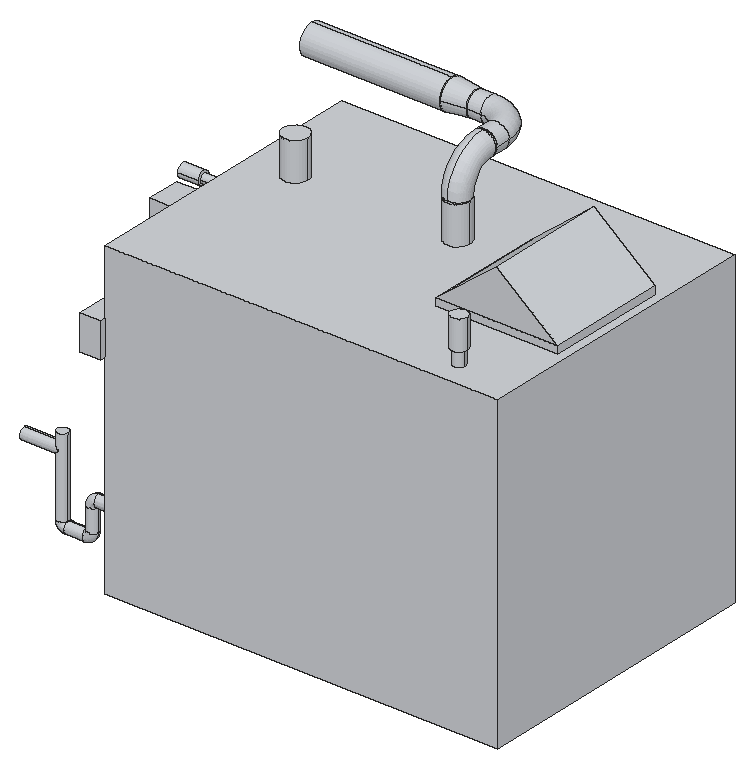
Revit family "AMP_BFIT 1000-1250 Boiler", category Mechanical Equipment, Revit 2019
Family settings
  Round Connector Dimension = Use Diameter
  Part Type = Normal
  OmniClass Number = 23.75.00.00
  OmniClass Title = Climate Control (HVAC)
  Work Plane-Based = No
  Always vertical = Yes
  Cut with Voids When Loaded = No
  Shared = No
  Room Calculation Point = No
Parameters (values of type "AMP/BFIT 1000-1250 Boiler")
  Width = 34 1/4"
  Length = 45 1/2"
  Height = 36 1/8"
  Voltage = ""
  Vent = "8\" EZ Vent"
  Manufacturer = "Bryan Steam"  # constant formula
  Hydronic Supply = "3\" Victaulic"
  Hydronic Return = "2-1/2\" Victaulic"
  Gas Train = "1\" NPT"
  Condensate Trap = "1\" Pipe"
  Boiler Drain = "3/4\" NPT"
  Air Supply = "8\""
Reference planes
  plane 1 "Center (Front/Back)": y = 0
  plane 2: z = 0
  plane 3 "Center (Left/Right)": x = 0
  plane 4 "Vent": y = 95.25
  plane 5 "Condensate Trap": y = -304.8
  plane 6 "Supply 2.5" Victualic Elbow Style 10": x = 34.925
  plane 7 "3" Supply Manifold": z = 1127.125
  plane 8 "3" Supply Elbow Victaulic Style 10": y = 327.025
Forms (mm)
  Extrusion 1, solid
    sketch origin (0, 0, 0) x (1, 0, 0) y (0, 1, 0)
      loop
        line (-577.85, 434.975) -> (-577.85, -434.975) -> (577.85, -434.975) -> (577.85, 434.975) -> (-577.85, 434.975)
    from 0 to 917.575
  Extrusion 2, solid
    sketch origin (0, 0, 917.575) x (1, 0, 0) y (0, 1, 0)
      loop
        line (192.824, 174.625) -> (192.824, -180.975) -> (550.863, -180.975) -> (550.863, 174.625) -> (192.824, 174.625)
    from 0 to 21.63
  Extrusion 3, solid
    sketch origin (523.911, -180.975, 917.575) x (-1, 0, 0) y (0, 0, -1)
      loop
        line (331.087, -21.63) -> (-26.952, -21.63) -> (152.068, -167.063) -> (331.087, -21.63)
    from 0 to -355.6
  Extrusion 4, solid
    sketch origin (0, 0, 917.575) x (1, 0, 0) y (0, 1, 0)
      loop
        circle (-441.325, 95.25) r 36.513
      loop
        circle (34.925, 95.25) r 36.513
    from 0 to 111.125
  Extrusion 5, solid
    sketch origin (-577.85, -434.975, 0) x (0, 1, 0) y (0, 0, -1)
      loop
        circle (714.375, -257.175) r 100.013
      loop
        circle (714.375, -257.175) r 94.456
    from 0 to 28.575
  Revolve 6, solid
    sketch origin (0, 95.25, 0) x (-1, 0, 0) y (0, 0, 1)
      loop
        line (571.805, 578.918) -> (793.75, 590.55) -> (788.406, 692.518) -> (566.461, 680.886) -> (571.805, 578.918)
      axis (793.75, 590.55) -> (571.805, 578.918)
    angle from 0 to 360
  Sweep 7, solid
    path origin (0, -304.8, 0) x (-1, 0, 0) y (0, 0, 1)
      loop
        line (577.85, 146.406) -> (698.856, 146.406)
        arc (698.856, 146.406) -> (711.212, 141.287) -> (716.331, 128.93) r 17.475
        line (716.331, 128.93) -> (716.331, 62.281)
        arc (716.331, 62.281) -> (721.449, 49.924) -> (733.806, 44.806) r 17.475
        line (733.806, 44.806) -> (787.768, 44.806)
        arc (787.768, 44.806) -> (800.116, 49.92) -> (805.231, 62.268) r 17.463
        line (805.231, 62.268) -> (805.231, 292.456)
    profile origin (-638.353, -304.8, 146.406) x (0, 0, 1) y (0, 1, 0)
      loop
        circle (0, 0) r 16.701
  Revolve 8, solid
    sketch origin (0, -304.8, 0) x (-1, 0, 0) y (0, 0, 1)
      loop
        line (917.575, 247.65) -> (917.575, 264.351) -> (804.862, 264.351) -> (804.862, 247.65) -> (917.575, 247.65)
      axis (804.862, 247.65) -> (917.575, 247.65)
    angle from 0 to 360
  Sweep 9, solid
    path origin (34.925, 0, 0) x (0, 1, 0) y (0, 0, 1)
      loop
        line (94.688, 1028.7) -> (94.688, 1032.51)
        arc (94.688, 1032.51) -> (122.586, 1099.862) -> (189.938, 1127.76) r 95.25
        line (189.938, 1127.76) -> (193.748, 1127.76)
    profile origin (34.925, 94.688, 1030.605) x (0, -1, 0) y (1, 0, 0)
      loop
        circle (0, 0) r 36.05
  Sweep 10, solid
    path origin (0, 0, 1127.125) x (1, 0, 0) y (0, 1, 0)
      loop
        line (34.925, 193.748) -> (34.925, 238.198)
        arc (34.925, 238.198) -> (8.887, 301.059) -> (-53.975, 327.098) r 88.9
        line (-53.975, 327.098) -> (-95.25, 327.098)
    profile origin (34.925, 215.973, 1127.125) x (-1, 0, 0) y (0, 0, 1)
      loop
        circle (0, 0) r 36.314
  SweptBlend 11, solid
    path origin (0, 0, 1127.125) x (1, 0, 0) y (0, 1, 0)
      loop
        line (-95.25, 323.923) -> (-166.37, 323.923)
    profile origin (-95.25, 323.923, 1127.125) x (0, -1, 0) y (0, 0, 1)
      loop
        circle (-3.175, 0) r 36.314
    end profile origin (-166.37, 323.923, 1127.125) x (0, -1, 0) y (0, 0, 1)
      loop
        circle (-3.175, 0) r 44.45
  Extrusion 12, solid
    sketch origin (-166.37, 327.098, 1127.125) x (0, 0, -1) y (0, -1, 0)
      loop
        circle (0, -0.065) r 44.513
    from 0 to 411.46
  Extrusion 13, solid
    sketch origin (-577.85, -434.975, 0) x (0, 1, 0) y (0, 0, -1)
      loop
        line (345.313, -912.813) -> (345.313, -811.213) -> (243.713, -811.213) -> (243.713, -912.813) -> (345.313, -912.813)
      loop
        line (88.9, -723.9) -> (88.9, -622.3) -> (-12.7, -622.3) -> (-12.7, -723.9) -> (88.9, -723.9)
    from 0 to 63.004
  Extrusion 14, solid
    sketch origin (-577.85, -434.975, 0) x (0, 1, 0) y (0, 0, -1)
      loop
        circle (530.225, -815.975) r 13.335
    from 0 to 133.35
  Extrusion 15, solid
    sketch origin (0, 0, 917.575) x (1, 0, 0) y (0, 1, 0)
      loop
        circle (403.225, -358.775) r 16.701
    from 0 to 44.45
  Extrusion 16, solid
    sketch origin (0, 0, 962.025) x (1, 0, 0) y (0, 1, 0)
      loop
        circle (403.225, -358.775) r 23.813
    from 0 to 85.725
  Extrusion 17, solid
    sketch origin (-711.2, -434.975, 0) x (0, 1, 0) y (0, 0, -1)
      loop
        circle (530.225, -815.975) r 19.05
    from 0 to 60.325
Dimensions and locks
  "Height": Extrusion 1 to level
  equal spacing: Extrusion 1 sketch curve, plane 3 "Center (Left/Right)", Extrusion 1 sketch curve
  "Length": Extrusion 1 sketch curve to Extrusion 1 sketch curve
  equal spacing: Extrusion 1 sketch curve, plane 1 "Center (Front/Back)", Extrusion 1 sketch curve
  "Width": Extrusion 1 sketch curve to Extrusion 1 sketch curve
  locked: Extrusion 2 sketch curve to Extrusion 1 at 26.988
  locked: Extrusion 2 sketch curve to Extrusion 2 sketch curve at 358.038
  locked: Extrusion 2 sketch curve to Extrusion 2 sketch curve at 355.6
  locked: Extrusion 2 sketch curve to Extrusion 1 at 254
  locked: Extrusion 1 to Extrusion 4 sketch curve at 339.725  (x2)
  equal spacing: Extrusion 1, Extrusion 4 sketch curve, Extrusion 4 sketch curve
  locked: Extrusion 4 sketch curve to Extrusion 4 sketch curve at 476.25
  locked: Extrusion 1 to Extrusion 5 sketch curve at 257.175
  locked: Extrusion 1 to Extrusion 5 sketch curve at 155.575
  locked: Extrusion 1 to Revolve 6 sketch curve at 590.55
  locked: Revolve 6 sketch curve to Extrusion 1 at 215.9
  locked: Sweep 9 sketch curve to Sweep 9 sketch curve at 99.06  (x2)
  locked: level to plane 7 "3" Supply Manifold" at 1127.125
  Sweep 10 sketch curve to Sweep 9 = 5 1/4"
  Sweep 10 sketch curve to Sweep 10 sketch curve = 5 1/8"
  locked: SweptBlend 11 sketch curve to SweptBlend 11 sketch curve at 71.12
  SweptBlend 11 sketch curve to Sweep 10 = 0"
  locked: plane 3 "Center (Left/Right)" to plane 6 "Supply 2.5" Victualic Elbow Style 10" at 34.925
  locked: plane 8 "3" Supply Elbow Victaulic Style 10" to plane 1 "Center (Front/Back)" at 327.025
  locked: plane 4 "Vent" to plane 1 "Center (Front/Back)" at 95.25
  locked: plane 5 "Condensate Trap" to plane 1 "Center (Front/Back)" at 304.8
  locked: Sweep 7 sketch curve to Sweep 7 sketch curve at 88.9
  locked: Sweep 7 sketch curve to Sweep 7 sketch curve at 247.65
  locked: Revolve 8 sketch curve to Revolve 8 sketch curve at 112.712
  locked: Extrusion 13 sketch curve to Extrusion 13 sketch curve at 101.6  (x4)
  Revolve 8 sketch curve to Revolve 8 sketch curve = 0.6575"
  locked: Extrusion 1 to Extrusion 14 sketch curve at 815.975
  locked: Extrusion 1 to Extrusion 14 sketch curve at 353.06
  locked: Extrusion 15 sketch curve to Extrusion 1 at 174.625
  locked: Extrusion 1 to Extrusion 15 sketch curve at 76.2
  locked: Extrusion 16 sketch curve to Extrusion 1 at 174.625
  locked: Extrusion 1 to Extrusion 16 sketch curve at 76.2
  locked: Extrusion 1 to Extrusion 17 sketch curve at 339.725
  locked: Extrusion 1 to Extrusion 17 sketch curve at 101.6
  diameter of Extrusion 5 sketch curve = 7 7/16"
  diameter of Extrusion 5 sketch curve = 7 7/8"
  diameter of Extrusion 14 sketch curve = 1.05"
  diameter of Extrusion 15 sketch curve = 1.315"
  diameter of Extrusion 16 sketch curve = 1 7/8"
  diameter of Extrusion 17 sketch curve = 1 1/2"
  locked: Extrusion 1 to Revolve 6 sketch curve (angle 3.00°)
  aligned and locked: level to plane 2
Automatic sketch dimensions
  Extrusion 3 sketch curve to Extrusion 2 = 0"  (x3)
  Extrusion 3 sketch curve to Extrusion 2 = 7.048"
  Extrusion 3 sketch curve to Extrusion 2 = 5.72571"
  Extrusion 4 sketch curve to Extrusion 1 = 5 3/8"
  Extrusion 5 sketch curve to Extrusion 5 sketch curve = 0"  (x2)
  level to Revolve 6 sketch curve = 27.26449"
  Revolve 6 sketch curve to Revolve 6 sketch curve = 8.73801"
  Revolve 6 sketch curve to plane 3 "Center (Left/Right)" = 3.53803"
  Revolve 6 sketch curve to Revolve 6 sketch curve = 0"  (x2)
  Revolve 6 sketch curve to Revolve 6 sketch curve = 0.99438"
  Sweep 7 sketch curve to plane 5 "Condensate Trap" = 0"
  profile plane to Sweep 7 sketch curve = 0"
  Sweep 7 sketch curve to Sweep 7 sketch curve = 0.688"  (x2)
  Sweep 7 sketch curve to Sweep 7 sketch curve = 11/16"
  Sweep 7 sketch curve to Sweep 7 sketch curve = 2.624"
  Sweep 7 sketch curve to Sweep 7 sketch curve = 4.764"
  Sweep 9 sketch curve to plane 4 "Vent" = 0.02214"
  plane 4 "Vent" to Sweep 9 sketch curve = 3.72786"
  Sweep 9 sketch curve to plane 6 "Supply 2.5" Victualic Elbow Style 10" = 0"
  Sweep 9 sketch curve to profile plane = 0"
  Sweep 10 sketch curve to plane 6 "Supply 2.5" Victualic Elbow Style 10" = 0"
  Sweep 10 sketch curve to Sweep 10 sketch curve = 1 5/8"
  Sweep 10 sketch curve to Sweep 10 sketch curve = 1 3/4"
  Sweep 10 sketch curve to plane 7 "3" Supply Manifold" = 0"
  Sweep 10 sketch curve to profile plane = 0"
  plane 4 "Vent" to SweptBlend 11 sketch curve = 9.00286"
  SweptBlend 11 sketch curve to plane 7 "3" Supply Manifold" = 0"  (x2)
  profile plane to SweptBlend 11 sketch curve = 1/8"  (x2)
  Revolve 8 sketch curve to Revolve 8 sketch curve = 0.2025"
  Revolve 8 sketch curve to Revolve 8 sketch curve = 1.453"
  level to Sweep 7 sketch curve = 5.764"
  Sweep 7 sketch curve to plane 3 "Center (Left/Right)" = 27.514"
  level to Revolve 8 sketch curve = 10.4075"
  Revolve 8 sketch curve to plane 3 "Center (Left/Right)" = 31 11/16"
  Revolve 8 sketch curve to Revolve 8 sketch curve = 0"
  Sweep 9 sketch curve to plane 7 "3" Supply Manifold" = 3.725"
  Extrusion 1 to Extrusion 13 sketch curve = 1/2"
  Extrusion 1 to Extrusion 13 sketch curve = 3/16"
  Extrusion 13 sketch curve to Extrusion 1 = 9.595"
  Extrusion 13 sketch curve to Extrusion 13 sketch curve = 3 7/16"
  radius of Extrusion 4 sketch curve = 1 7/16"  (x2)
  radius of Sweep 7 sketch curve = 0.6575"
  radius of Sweep 9 sketch curve = 1.41931"
  radius of Sweep 10 sketch curve = 1 55/128"
  radius of Extrusion 12 sketch curve = 1.75249"
  radius of SweptBlend 11 sketch curve = 1 55/128"
  radius of SweptBlend 11 sketch curve = 1 3/4"
Connectors
  piping at (-441.325, 95.25, 1028.7), diameter 63.5
    settings: on Extrusion 4, index 2, connector inside diameter 24", connector length 0", flow factor 0, pipe flow 0 GPM, pressure drop 0.00 psi, fitting loss kfactor 0, connector angle 0.00°, fixture units 0, engagement length 0", angle of deflection 0.00°, flow configuration 0, flow direction 1, fitting loss method 0, system type 8, joint type 0, gender type 0, connector reference index -1, connector utility 0, adjustable connector no, is connector primary yes, connector description ""
  piping at (-606.425, 279.4, 257.175), diameter 203.2
    settings: on Extrusion 5, index 4, connector inside diameter 24", connector length 0", flow factor 0, pipe flow 0 GPM, pressure drop 0.00 psi, fitting loss kfactor 0, connector angle 0.00°, fixture units 0, engagement length 0", angle of deflection 0.00°, flow configuration 0, flow direction 1, fitting loss method 0, system type 22, joint type 0, gender type 0, connector reference index -1, connector utility 0, adjustable connector no, is connector primary no, connector description ""
  piping at (-917.575, -304.8, 247.65), diameter 25.4
    settings: on Revolve 8, index 5, connector inside diameter 24", connector length 0", flow factor 0, pipe flow 0 GPM, pressure drop 0.00 psi, fitting loss kfactor 0, connector angle 0.00°, fixture units 0, engagement length 0", angle of deflection 0.00°, flow configuration 0, flow direction 2, fitting loss method 0, system type 22, joint type 0, gender type 0, connector reference index -1, connector utility 0, adjustable connector no, is connector primary no, connector description ""
  piping at (-793.75, 95.25, 590.55), diameter 203.2
    settings: on Revolve 6, index 7, connector inside diameter 24", connector length 0", flow factor 0, pipe flow 0 GPM, pressure drop 0.00 psi, fitting loss kfactor 0, connector angle 0.00°, fixture units 0, engagement length 0", angle of deflection 0.00°, flow configuration 0, flow direction 2, fitting loss method 0, system type 17, joint type 0, gender type 0, connector reference index -1, connector utility 0, adjustable connector no, is connector primary no, connector description ""
  piping at (-577.83, 327.162, 1127.125), diameter 76.2
    settings: on Extrusion 12, index 9, connector inside diameter 24", connector length 0", flow factor 0, pipe flow 0 GPM, pressure drop 0.00 psi, fitting loss kfactor 0, connector angle 0.00°, fixture units 0, engagement length 0", angle of deflection 0.00°, flow configuration 0, flow direction 2, fitting loss method 0, system type 7, joint type 0, gender type 0, connector reference index -1, connector utility 0, adjustable connector no, is connector primary no, connector description ""
  piping at (403.225, -358.775, 1047.75), diameter 25.4
    settings: on Extrusion 16, index 11, connector inside diameter 24", connector length 0", flow factor 0, pipe flow 0 GPM, pressure drop 0.00 psi, fitting loss kfactor 0, connector angle 0.00°, fixture units 0, engagement length 0", angle of deflection 0.00°, flow configuration 0, flow direction 1, fitting loss method 0, system type 22, joint type 0, gender type 0, connector reference index -1, connector utility 0, adjustable connector no, is connector primary no, connector description ""
  piping at (-771.525, 95.25, 815.975), diameter 19.05
    settings: on Extrusion 17, index 12, connector inside diameter 24", connector length 0", flow factor 0, pipe flow 0 GPM, pressure drop 0.00 psi, fitting loss kfactor 0, connector angle 0.00°, fixture units 0, engagement length 0", angle of deflection 0.00°, flow configuration 0, flow direction 2, fitting loss method 0, system type 22, joint type 0, gender type 0, connector reference index -1, connector utility 0, adjustable connector no, is connector primary no, connector description ""
